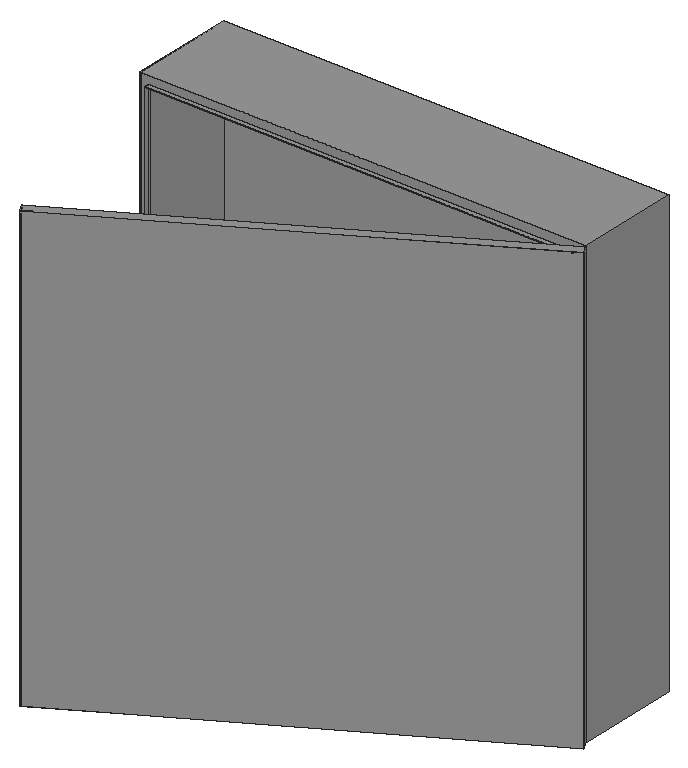
Revit family "Hager-Univers-IP54-D205-H800-Cl.I-Encl-NoHosted-AT-de", category Equipement électrique, Revit 2020
Family settings
  Configuration du panneau = Deux colonnes, circuits au sein
  Cote de connecteur circulaire = Utiliser le diamètre
  Type d'élément = Tableau de raccordement
  Basée sur le plan de construction = Oui
  Toujours verticalement = Oui
  Couper avec des vides une fois chargée = Non
  Partagée = Non
  Point de calcul de pièce = Non
Parameters (values of type "Aufputz IP54 B800 H800 T205  - FP53TW2")
  Width Control [instance] = if([EF000008 - Breite] > Min Width, [EF000008 - Breite], Min Width)  # 800 mm
  Commentaires du type = [HG000003 - Bereich]  # "Univers"
  Thickness Door [instance] = if([EF009171 - Materialstärke Tür/Deckel] > 3 mm, 3 mm, [EF009171 - Materialstärke Tür/Deckel])  # 1 mm
  Seal Frame Offset [instance] = 17 mm  # constant formula
  Plinth Visibility [instance] = [HG000027 - Sockelhöhe] > 0 mm  # no
  Min Width [instance] = 100 mm  # constant formula
  Min Depth [instance] = (2 * [EF009170 - Materialstärke Gehäuse]) + 1 mm  # 3 mm
  Min Height [instance] = 100 mm  # constant formula
  Internal Frame Depth [instance] = (Door System Depth * 0.5)  # 9 mm
  Panel Name [instance] = ""  # (empty or 0)
  Model = ""
  HG000027 - Sockelhöhe = 0 mm
  HG000026 - Stehend auf dem Boden = no
  HG000024 - Höhe des unteren Teils = 600 mm
  HG000023 - Gehäuse mit doppeltem Querschnitt = no
  HG000016 - 3D-Türsichtbarkeit [instance] = yes
  HG000015 - Sichtbarkeit der Türöffnung [instance] = no
  HG000014 - Tür rechts [instance] = yes
  HG000013 - Tür links [instance] = not([HG000014 - Tür rechts])  # no
  HG000012 - Türschwenkwinkel [instance] = 30.00°
  HG000010 - Asymmetrische Türen = no
  HG000009 - Doppelflügeligen Tür = no
  HG000006 - Unterputz = no
  HG000004 - Herstellerreferenz = "FP53TW2"
  HG000003 - Bereich = "Univers"
  HG000002 - Mit tür = yes
  Frame Offset Bottom [instance] = 10 mm  # constant formula
  Frame Offset [instance] = 15 mm  # constant formula
  EF015940 - Deckel mit Überdruckentlastung = no
  EF011959 - Schutzart (NEMA) = ""
  EF009554 - Anzahl der Öffnungen für Flanschplatten = 6
  EF009212 - Ausführung Deckel = "EV000116 - geschlossen"
  EF009171 - Materialstärke Tür/Deckel = 1 mm
  EF009170 - Materialstärke Gehäuse = 1 mm
  EF008873 - Nennstrom (In) = 250 A
  EF007800 - Geeignet für Blitzschutz = no
  EF006306 - Mit Schloss = no
  EF006244 - Transparenter Deckel/Tür = no
  EF005474 - Schutzart (IP) = "EV006419 - IP54"
  EF004464 - Art der Tür = "EV002646 - Einzel"
  EF004427 - Anzahl der Module = 180
  EF004293 - Schlagfestigkeit = "EV006815 - IK09"
  EF003532 - Geeignet für Außengebrauch = no
  EF002950 - Breite in Teilungseinheiten = 36
  EF001613 - Funktionserhalt = "EV000494 - ohne"
  EF001596 - Werkstoff des Gehäuses = "EV000179 - Stahl"
  EF001131 - Innentiefe = 205 mm
  EF001088 - Anbaumöglichkeit = yes
  EF000437 - Anzahl der Leitungseinführungen = 6
  EF000339 - Art der Abdeckung = "EV001012 - Deckel"
  EF000266 - Anzahl der Reihen = 5
  EF000218 - Einbautiefe = 205 mm
  EF000118 - Mit Montageplatte = no
  EF000116 - RAL-Nummer = "9010"
  EF000049 - Tiefe = 205 mm
  EF000040 - Höhe = 800 mm
  EF000008 - Breite = 800 mm
  EF000007 - Farbe = "EV000202 - weiß"
  EF000003 - Montageart = "EV000384 - Aufputz"
  Door System Leaf Tolerance [instance] = 1.5 mm  # constant formula
  Door System Depth [instance] = 18 mm  # constant formula
  Door Height [instance] = Height Control - [HG000027 - Sockelhöhe]  # 800 mm
  Description = ""
  Default Elevation = 1219.2 mm
  Connector Offset [instance] = Height Control / 2  # 400 mm
  Fabricant = "Hager"  # constant formula
  Height Control [instance] = if([EF000040 - Höhe] > Min Height, [EF000040 - Höhe], Min Height)  # 800 mm
  Depth Control [instance] = if([EF000049 - Tiefe] > Min Depth, [EF000049 - Tiefe], Min Depth)  # 205 mm
  Bottom Top Plate Trim [instance] = 1.5 mm  # constant formula
  Plinth height Ctrl [instance] = if([HG000027 - Sockelhöhe] > 0 mm, [HG000027 - Sockelhöhe], 12 mm)  # 12 mm
Types (4, lengths in mm): name | Width Control | HG000004 - Herstellerreferenz | EF009554 - Anzahl der Öffnungen für Flanschplatten | EF004464 - Art der Tür | EF004427 - Anzahl der Module | EF002950 - Breite in Teilungseinheiten | EF000437 - Anzahl der Leitungseinführungen | EF000008 - Breite
  Aufputz IP54 B1050 H800 T205  - FP54TW2 | 1050 | "FP54TW2" | 8 | "EV003602 - Doppel" | 240 | 48 | 8 | 1050
  Aufputz IP54 B1300 H800 T205  - FP55TW2 | 1300 | "FP55TW2" | 10 | "EV003602 - Doppel" | 300 | 60 | 10 | 1300
  Aufputz IP54 B550 H800 T205  - FP52TW2 | 550 | "FP52TW2" | 4 | "EV002646 - Einzel" | 120 | 24 | 4 | 550
  Aufputz IP54 B800 H800 T205  - FP53TW2 | 800 | "FP53TW2" | 6 | "EV002646 - Einzel" | 180 | 36 | 6 | 800
Reference planes
  plane 1 "Center (Front/Back)": y = 0
  plane 2: z = 0
  plane 3 "Center (Left/Right)": x = 0
  plane 4: y = 0
  plane 5: y = 0
  plane 6: z = 0
  plane 7: x = -400
  plane 8: x = 400
  plane 9: x = 399
  plane 10: x = -399
  plane 11: z = 0
  plane 12: z = 1
  plane 13: y = -205
  plane 14: y = -1
  plane 15: x = 0
  plane 16: y = -187
  plane 17: y = -204
  plane 18: y = -186
  plane 19: x = -384
  plane 20: x = 384
  plane 21: z = 11
  plane 22: x = -383
  plane 23: x = 383
  plane 24: z = 0
  plane 25: z = 800
  plane 26: z = 800
  plane 27: z = 784
  plane 28: z = 799
Forms (mm)
  Extrusion 1, solid, material "Hager_Steel_RAL7035_Light_Grey", detail levels medium+fine
    sketch origin (-208.679, -4572, 0) x (-1, 0, 0) y (0, -1, 0)
      loop
        line (191.321, -4385) -> (-608.679, -4385) -> (-608.679, -4572) -> (191.321, -4572) -> (191.321, -4385)
    from 0 to 800
  Extrusion 2, void
    sketch origin (-350.771, -205, 1219.2) x (1, 0, 0) y (0, 0, 1)
      loop
        line (-48.229, -420.2) -> (-48.229, -1218.2) -> (749.771, -1218.2) -> (749.771, -420.2) -> (-48.229, -420.2)
    from -19 to -204
  Extrusion 3, void
    sketch origin (-290.084, -187, 1219.2) x (1, 0, 0) y (0, 0, 1)
      loop
        line (-93.916, -1208.2) -> (674.084, -1208.2) -> (674.084, -435.2) -> (-93.916, -435.2) -> (-93.916, -1208.2)
    from 0 to -1
  Extrusion 4, solid, material "Hager_Steel_RAL7035_Light_Grey", visible <- "Plinth Visibility", detail levels medium+fine
    sketch origin (0, 0, 0) x (1, 0, 0) y (0, 1, 0)
      loop
        line (-400, 0) -> (-400, -187) -> (400, -187) -> (400, 0) -> (-400, 0)
    from 0 to 12 <- "Plinth height Ctrl"
  Extrusion 5, solid, material "Hager_Steel_RAL7035_Light_Grey", detail levels coarse
    sketch origin (0, 0, 0) x (1, 0, 0) y (0, 1, 0)
      loop
        line (-400, 0) -> (-400, -205) -> (400, -205) -> (400, 0) -> (-400, 0)
    from 0 to 800 <- "Height Control"
  Sweep 6, void
    path in 3D
      loop
        line (-400, -187, 12) -> (400, -187, 12) -> (400, 0, 12) -> (-400, 0, 12) -> (-400, -187, 12)
    profile origin (-400, -93.5, 12) x (1, 0, 0) y (0, 0, 1)
      loop
        line (0, 0) -> (0, -1.5) -> (1.5, -1.5)
        arc (1.5, -1.5) -> (1.061, -0.439) -> (0, 0) r 1.5
  Extrusion 7, solid, material "Hager_Steel_RAL7035_Light_Grey", detail levels fine
    sketch origin (-400, -187, 0) x (1, 0, 0) y (0, 0, 1)
      loop
        line (16, 11) -> (784, 11) -> (784, 784) -> (16, 784) -> (16, 11)
      loop
        line (15, 10) -> (785, 10) -> (785, 785) -> (15, 785) -> (15, 10)
    from 0 to 9 <- "Internal Frame Depth"
Cuts and joins
  Extrusion 2, Extrusion 3 cuts Extrusion 1
  Sweep 6 cuts Extrusion 4
Lines and regions (mm)
  Masking region 1
    outline origin (0, 0, 0) x (1, 0, 0) y (0, 1, 0)
      loop
        line (-400, 0) -> (-400, -205) -> (400, -205) -> (400, 0) -> (-400, 0)
  Masking region 2, detail levels coarse
    outline origin (-290.084, -187, 1219.2) x (-1, 0, 0) y (0, 0, 1)
      loop
        line (-690.084, -1219.2) -> (109.916, -1219.2) -> (109.916, -419.2) -> (-690.084, -419.2) -> (-690.084, -1219.2)
  Masking region 3, detail levels coarse
    outline origin (0, 0, 0) x (0, 1, 0) y (0, 0, 1)
      loop
        line (0, 0) -> (0, 800) -> (-205, 800) -> (-205, 0) -> (0, 0)
  Masking region 4, visible <- "Plinth Visibility", detail levels medium+fine
    outline origin (0, 0, 0) x (0, 1, 0) y (0, 0, 1)
      loop
        line (-1.5, 12) -> (-185.5, 12)
        arc (-185.5, 12) -> (-185.939, 10.939) -> (-187, 10.5) r 1.5
        line (-187, 10.5) -> (-187, 0) -> (0, 0) -> (0, 10.5)
        arc (0, 10.5) -> (-1.061, 10.939) -> (-1.5, 12) r 1.5
  Masking region 5, detail levels medium+fine
    outline origin (0, 0, 594.038) x (0, 1, 0) y (0, 0, 1)
      loop
        line (0, -594.038) -> (0, 205.962) -> (-187, 205.962) -> (-187, -594.038) -> (0, -594.038)
  Masking region 6, detail levels medium+fine
    outline origin (-359.7, -187, 1211.883) x (-1, 0, 0) y (0, 0, 1)
      loop
        line (-759.7, -1211.883) -> (40.3, -1211.883) -> (40.3, -411.883) -> (-759.7, -411.883) -> (-759.7, -1211.883)
  Masking region 7, visible <- "Plinth Visibility", detail levels medium+fine
    outline origin (-320.334, -187, 1041.368) x (-1, 0, 0) y (0, 0, 1)
      loop
        line (-720.334, -1041.368) -> (79.666, -1041.368) -> (79.666, -1030.868)
        arc (79.666, -1030.868) -> (78.606, -1030.429) -> (78.166, -1029.368) r 1.5
        line (78.166, -1029.368) -> (-718.834, -1029.368)
        arc (-718.834, -1029.368) -> (-719.273, -1030.429) -> (-720.334, -1030.868) r 1.5
        line (-720.334, -1030.868) -> (-720.334, -1041.368)
  sketch lines
    curve 1: line (-400, 0, 12) -> (-400, -187, 12)
    curve 2: line (-400, -187, 12) -> (400, -187, 12)
    curve 3: line (400, 0, 12) -> (-400, 0, 12)
    curve 4: line (400, -187, 12) -> (400, 0, 12)
Dimensions and locks
  locked: plane 1 "Center (Front/Back)" to plane 5
  "EF009170 - Materialstärke Gehäuse": plane 7 to plane 10
  "EF009170 - Materialstärke Gehäuse": plane 8 to plane 9
  equal spacing: plane 7, plane 3 "Center (Left/Right)", plane 8
  "Width Control": plane 7 to plane 8
  "Depth Control": plane 4 to plane 13
  "EF009170 - Materialstärke Gehäuse": plane 4 to plane 14
  "Height Control": plane 25 to level
  "HG000027 - Sockelhöhe": plane 11 to level
  "EF009170 - Materialstärke Gehäuse": plane 12 to plane 11
  "EF009170 - Materialstärke Gehäuse": plane 17 to plane 13
  "EF009170 - Materialstärke Gehäuse": plane 18 to plane 16
  "Frame Offset Bottom": plane 21 to plane 12
  "Frame Offset": plane 10 to plane 19
  "Frame Offset": plane 9 to plane 20
  "Door System Depth": plane 16 to plane 13
  "Seal Frame Offset": plane 7 to plane 22
  "Seal Frame Offset": plane 8 to plane 23
  "EF009170 - Materialstärke Gehäuse": plane 26 to plane 28
  "Frame Offset": plane 28 to plane 27
  "Connector Offset": plane 2 to connector elem
  "Bottom Top Plate Trim": profile plane to Sweep 6 sketch curve
  "Bottom Top Plate Trim": Sweep 6 sketch curve to Sweep 6 sketch curve
  "Plinth height Ctrl": Masking region 4 sketch curve to level
  "Plinth height Ctrl": Masking region 7 sketch curve to level
  "Thickness Door": Extrusion 7 sketch curve to Extrusion 7 sketch curve  (x4)
  "Bottom Top Plate Trim": radius of Sweep 6 sketch curve
  "Bottom Top Plate Trim": radius of Masking region 4 sketch curve  (x2)
  "Bottom Top Plate Trim": radius of Masking region 7 sketch curve  (x2)
  aligned and locked: Extrusion 2 sketch curve to plane 12
  aligned and locked: Extrusion 2 sketch curve to plane 9
  aligned and locked: Extrusion 2 sketch curve to plane 10
  aligned and locked: Extrusion 2 to plane 14
  aligned and locked: Extrusion 1 sketch curve to plane 4
  aligned and locked: plane 8 to Extrusion 1 sketch curve
  aligned and locked: plane 7 to Extrusion 1 sketch curve
  aligned and locked: Extrusion 2 to plane 18
  aligned and locked: Extrusion 3 sketch curve to plane 19
  aligned and locked: plane 20 to Extrusion 3 sketch curve
  aligned and locked: Extrusion 3 to Extrusion 2
  aligned and locked: Extrusion 3 sketch curve to plane 21
  aligned and locked: plane 3 "Center (Left/Right)" to nested 1
  aligned and locked: Extrusion 1 sketch curve to plane 16
  aligned and locked: Extrusion 4 sketch curve to cut or joined group of Extrusion 1, Extrusion 2, Extrusion 3
  aligned and locked: Masking region 1 sketch curve to plane 7
  aligned and locked: Masking region 1 sketch curve to plane 5
  aligned and locked: Masking region 1 sketch curve to plane 8
  aligned and locked: Masking region 2 sketch curve to level
  aligned and locked: level to Masking region 3 sketch curve
  aligned and locked: plane 1 "Center (Front/Back)" to Masking region 3 sketch curve
  aligned and locked: plane 13 to Masking region 3 sketch curve
  aligned and locked: plane 5 to Masking region 4 sketch curve
  aligned and locked: Masking region 2 sketch curve to plane 8
  aligned and locked: Masking region 2 sketch curve to plane 7
  aligned and locked: plane 7 to nested 2
  aligned and locked: nested 2 to plane 5
  aligned and locked: plane 5 to Masking region 5 sketch curve
  aligned and locked: plane 26 to Masking region 5 sketch curve
  aligned and locked: Extrusion 5 sketch curve to plane 8
  aligned and locked: Extrusion 5 sketch curve to plane 7
  aligned and locked: Extrusion 5 sketch curve to plane 5
  aligned and locked: Extrusion 3 sketch curve to plane 27
  aligned and locked: Extrusion 2 sketch curve to plane 28
  aligned and locked: Masking region 2 to plane 25
  aligned and locked: Extrusion 4 to plane 16
  aligned and locked: profile plane to Sweep 6 sketch curve
  aligned and locked: Masking region 5 sketch curve to plane 24
  aligned and locked: level to Masking region 4 sketch curve
  aligned and locked: Masking region 1 to plane 13
  aligned and locked: nested 1 to plane 16
  aligned and locked: Masking region 3 to plane 25
  aligned and locked: plane 16 to Masking region 4 sketch curve
  aligned and locked: Masking region 5 sketch curve to plane 16
  aligned and locked: plane 24 to plane 11
  aligned and locked: plane 26 to plane 25
  aligned and locked: plane 26 to cut or joined group of Extrusion 1, Extrusion 2, Extrusion 3
  aligned and locked: nested 1 to plane 24
  aligned and locked: Extrusion 1 to Extrusion 3
  aligned and locked: Masking region 6 sketch curve to plane 8
  aligned and locked: Masking region 6 sketch curve to plane 24
  aligned and locked: Masking region 6 sketch curve to plane 7
  aligned and locked: Masking region 6 sketch curve to plane 26
  aligned and locked: Masking region 7 sketch curve to plane 7
  aligned and locked: level to Masking region 7 sketch curve
  aligned and locked: Masking region 7 sketch curve to plane 8
  aligned and locked: Extrusion 7 sketch curve to cut or joined group of Extrusion 1, Extrusion 2, Extrusion 3  (x4)
Automatic sketch dimensions
  plane 19 to Extrusion 3 sketch curve = 0 mm
  Extrusion 3 sketch curve to plane 20 = 0 mm
  Extrusion 3 sketch curve to plane 21 = 0 mm
  Extrusion 4 sketch curve to plane 7 = 0 mm
  Extrusion 4 sketch curve to plane 8 = 0 mm
  Extrusion 4 sketch curve to plane 16 = 0 mm
  Masking region 1 sketch curve to plane 13 = 0 mm
  Masking region 2 sketch curve to plane 25 = 0 mm
  Masking region 3 sketch curve to plane 25 = 0 mm
  Extrusion 5 sketch curve to plane 13 = 0 mm
  profile plane to Sweep 6 sketch curve = 0 mm
Nested families
  nested 1: "EC000058_Univers_Door" at (0, -187, 0), Double <- "HG000009 - Doppelflügeligen Tür", Transparent <- "EF006244 - Transparenter Deckel/Tür", Angle <- "HG000012 - Türschwenkwinkel", Door_Right <- "HG000014 - Tür rechts", Assymetrical <- "HG000010 - Asymmetrische Türen", Door <- "HG000002 - Mit tür", Width_Ctrl <- "Width Control", 3d_Door <- "HG000016 - 3D-Türsichtbarkeit", Clearance <- "HG000015 - Sichtbarkeit der Türöffnung", Door_Left <- "HG000013 - Tür links", Width <- "Width Control", Door_Depth <- "Door System Depth", Leaf_Tolerance <- "Door System Leaf Tolerance", Height <- "Door Height", Lock_Visibility <- "EF006306 - Mit Schloss", Thickness <- "Thickness Door", type "EC000058_Univers_Door", detail levels medium+fine
    with min_wh 3 mm, Width_Ctrl 800 mm, Width 800 mm, Transparent no, Thickness 1 mm, Seal_Material Hager_Rubber, Lock_Visibility no, Lock_Material Hager_Plastic_RAL9005_Jet_Black, Leaf_Width 800 mm, Leaf_Tolerance_External_Sides 0 mm, Leaf_Tolerance 1.5 mm, Leaf_Offset 0 mm, Leaf_Height 797 mm, Leaf_2_Width 800 mm, Leaf_2_Offset 400 mm, Leaf_1_Width 800 mm, Leaf_1_Offset 400 mm, Height_Ctrl 800 mm, Height 800 mm, Glass_Material Hager_Glass, Double_Clearance_Ctrl no, Double no, Door_Right_Ctrl yes, Door_Right yes, Door_Material Hager_Steel_RAL7035_Light_Grey, Door_Left_Ctrl no, Door_Left no, Door_Depth 18 mm, Door yes, Clearance_Material Hager_Clearance, Clearance_Depth 800 mm, Clearance_Ctrl no, Clearance no, Assymetrical no, Angle 30.00°, 3d_Door yes
  nested 2: "Hager_Enclosure_Symbol" at (-400, 0, 0), Height <- "Depth Control", Width <- "Width Control", type "Hager_Enclosure_Symbol"
    with Width_Ctrl 800 mm, Width 800 mm, Height_Ctrl 205 mm, Height 205 mm, A_Width_Int 13.453 mm, A_Width 161.438 mm, A_Height_Ctrl 179.375 mm, A_Height 179.375 mm
Connectors
  electrical at (0, 0, 400)
    settings: on plane 1 "Center (Front/Back)", index 1, voltage 0 V, apparent load 0 VA, apparent load phase1 0 VA, apparent load phase2 0 VA, apparent load phase3 0 VA, power factor 1, load classification "Other", number of poles 1, system type 30, power factor state 1, is connector primary yes, connector utility no, sub classification motor no, connector description ""
Definition of nested family "EC000058_Univers_Door"
  Parameters (values of type "EC000058_Univers_Door")
    min_wh [instance] = (2 * Thickness) + 1 mm  # 11 mm
    Width_Ctrl [instance] = 400 mm
    Width [instance] = 500 mm
    Transparent [instance] = yes
    Thickness [instance] = 5 mm
    Seal_Material [instance] = none
    Lock_Visibility [instance] = yes
    Lock_Material [instance] = none
    Leaf_Width [instance] = if((Width_Ctrl - 2 * Leaf_Tolerance_External_Sides) > 0 mm, (Width_Ctrl - 2 * Leaf_Tolerance_External_Sides), min_wh)  # 400 mm
    Leaf_Tolerance_External_Sides [instance] = 0 mm  # constant formula
    Leaf_Tolerance [instance] = 1.5 mm
    Leaf_Offset [instance] = 0 mm  # constant formula
    Leaf_Height [instance] = if((Height_Ctrl - 2 * Leaf_Tolerance) > 0 mm, (Height_Ctrl - 2 * Leaf_Tolerance), min_wh)  # 497 mm
    Leaf_2_Width [instance] = if(and(and(Double, Assymetrical), Door_Left), (Leaf_Width / 3) - (Leaf_Tolerance / 2), if(and(and(Double, Assymetrical), Door_Right), (Leaf_Width / 3) * 2 - (Leaf_Tolerance / 2), if(and(Double, not(Assymetrical)), (Leaf_Width / 2) - Leaf_Tolerance, Leaf_Width)))  # 400 mm
    Leaf_2_Offset [instance] = if(and(Double, Assymetrical), Leaf_2_Width / 2, if(and(Double, not(Assymetrical)), Leaf_Width / 4, Leaf_Width / 2))  # 200 mm
    Leaf_1_Width [instance] = if(and(and(Double, Assymetrical), Door_Right), (Leaf_Width / 3) - (Leaf_Tolerance / 2), if(and(and(Double, Assymetrical), Door_Left), (Width / 3) * 2 - (Leaf_Tolerance / 2), if(and(Double, not(Assymetrical)), (Leaf_Width / 2) - Leaf_Tolerance, Leaf_Width)))  # 400 mm
    Leaf_1_Offset [instance] = if(and(Double, Assymetrical), Leaf_1_Width / 2, if(and(Double, not(Assymetrical)), Leaf_Width / 4, Leaf_Width / 2))  # 200 mm
    Height_Ctrl [instance] = if(Height > min_wh, Height, min_wh)  # 500 mm
    Height [instance] = 500 mm
    Glass_Material [instance] = none
    Double_Clearance_Ctrl [instance] = and(Double, Clearance)  # no
    Double [instance] = no
    Door_Right_Ctrl [instance] = and(or(Door_Right, Double), Door)  # yes
    Door_Right [instance] = yes
    Door_Material [instance] = none
    Door_Left_Ctrl [instance] = and(or(Door_Left, Double), Door)  # no
    Door_Left [instance] = no
    Door_Depth [instance] = 30 mm
    Door [instance] = yes
    Default Elevation = 1219.2 mm
    Clearance_Material [instance] = none
    Clearance_Depth [instance] = if(Leaf_1_Width > Leaf_2_Width, Leaf_1_Width, Leaf_2_Width)  # 400 mm
    Clearance_Ctrl [instance] = and(not(Double), Clearance)  # yes
    Clearance [instance] = yes
    Assymetrical [instance] = yes
    Angle [instance] = 30.00°
    3d_Door [instance] = yes
  Reference planes
    plane 1 "Center (Front/Back)": y = 0
    plane 2 "Bottom": z = 0
    plane 3 "Center (Left/Right)": x = 0
    plane 4: z = 500
    plane 5: x = -200
    plane 6: x = 200
    plane 7: z = 500
    plane 8: x = -200
    plane 9: z = 0
    plane 10: x = 200
    plane 11: y = 0
    plane 12: z = 1.5
    plane 13: x = -600
    plane 14: y = -400
    plane 15: x = 600
    plane 16: x = 0
    plane 17: x = 0
    plane 18: x = -200
    plane 19: x = 200
    plane 20: z = 498.5
  Forms (mm)
    Extrusion 1, solid, material <- "Clearance_Material", visible <- "Double_Clearance_Ctrl"
      sketch origin (1200, 0, 0) x (1, 0, 0) y (0, 0, -1)
        loop
          line (-1800, -498.5) -> (-600, -498.5) -> (-600, 0) -> (-1800, 0) -> (-1800, -498.5)
      from 0 to -400
  Dimensions and locks
    equal spacing: plane 5, plane 3 "Center (Left/Right)", plane 6
    "Width_Ctrl": plane 5 to plane 6
    "Leaf_Offset": plane 5 to plane 8
    "Leaf_Offset": plane 6 to plane 10
    "Leaf_Offset": plane 9 to level
    "Leaf_Offset": plane 4 to plane 7
    "Height_Ctrl": plane 4 to level
    "Leaf_Tolerance": plane 12 to plane 9
    locked: plane 11 to plane 1 "Center (Front/Back)"
    "Leaf_1_Offset": plane 18 to plane 16
    "Leaf_2_Offset": plane 17 to plane 19
    "Leaf_1_Width": plane 13 to plane 8
    "Leaf_2_Width": plane 10 to plane 15
    "Clearance_Depth": plane 14 to plane 1 "Center (Front/Back)"
    "Leaf_Tolerance_External_Sides": plane 8 to plane 18
    "Leaf_Tolerance_External_Sides": plane 19 to plane 10
    "Leaf_Tolerance": plane 7 to plane 20
    aligned and locked: level to plane 2 "Bottom"
    aligned and locked: nested 1 to plane 16
    aligned and locked: nested 2 to plane 17
    aligned and locked: Extrusion 1 to plane 13
    aligned and locked: plane 15 to Extrusion 1
    aligned and locked: Extrusion 1 to plane 14
    aligned and locked: plane 12 to nested 1
    aligned and locked: nested 2 to plane 12
    aligned and locked: Extrusion 1 to plane 11
    aligned and locked: plane 20 to Extrusion 1
    aligned and locked: nested 2 to plane 11
    aligned and locked: nested 1 to plane 11
  Automatic sketch dimensions
    Extrusion 1 sketch curve to level = 0 mm
    plane 5 to Extrusion 1 sketch curve = 400 mm
    plane 6 to Extrusion 1 sketch curve = 400 mm
    Extrusion 1 sketch curve to plane 4 = 1.5 mm
  Nested families
    nested 1: "EC000058_Univers_Door_Leaf" at (0, 0, 1.5), Width <- "Leaf_1_Width", visible <- "Door_Left_Ctrl", Leaf_Height <- "Leaf_Height", Angle <- "Angle", 3d_Door <- "3d_Door", Transparent <- "Transparent", Clearance Material <- "Clearance_Material", Clearance <- "Clearance_Ctrl", Door_Material <- "Door_Material", Glass_Material <- "Glass_Material", Door_Depth <- "Door_Depth", Lock_Material <- "Lock_Material", Seal_Material <- "Seal_Material", Lock_Visibility <- "Lock_Visibility", Thickness <- "Thickness", type "EC000058_Univers_Door_Leaf"
      with Width 400 mm, Transparent_Glass_Offset 30 mm, Transparent_Ctrl yes, Transparent yes, Thickness 5 mm, Standard no, Seal_Material none, Seal_D2 8 mm, Seal_D1 1 mm, Offset_Internal_Frame 10 mm, Lock_Width 20 mm, Lock_Visibility_3d yes, Lock_Visibility yes, Lock_Thickness_3 3 mm, Lock_Thickness_2 1 mm, Lock_Thickness_1 3 mm, Lock_Radius_Offset_2 16 mm, Lock_Radius_Offset_1 15 mm, Lock_Radius_2 5 mm, Lock_Radius 6 mm, Lock_Offset 5 mm, Lock_Material none, Lock_Height 80 mm, Lock_Cover_Top_Offset_2d 17 mm, Lock_Cover_Height -65 mm, Leaf_Height 497 mm, Internal_Seal_Thickness 8 mm, Internal_Seal_Depth_2 4.5 mm, Internal_Frame_Depth 25 mm, Glass_Thickness -1 mm, Glass_Offset -2 mm, Glass_Material none, Door_Material none, Door_Depth 30 mm, Clearance Material none, Clearance yes, Angle_Ctrl 30.00°, Angle 30.00°, 3d_Door yes
    nested 2: "EC000058_Univers_Door_Leaf" at (0, 0, 1.5) x (-1, 0, 0) z (0, 0, 1), Width <- "Leaf_2_Width", visible <- "Door_Right_Ctrl", Leaf_Height <- "Leaf_Height", Angle <- "Angle", 3d_Door <- "3d_Door", Transparent <- "Transparent", Clearance Material <- "Clearance_Material", Clearance <- "Clearance_Ctrl", Door_Material <- "Door_Material", Glass_Material <- "Glass_Material", Door_Depth <- "Door_Depth", Lock_Material <- "Lock_Material", Seal_Material <- "Seal_Material", Lock_Visibility <- "Lock_Visibility", Thickness <- "Thickness", type "EC000058_Univers_Door_Leaf"
      with Width 400 mm, Transparent_Glass_Offset 30 mm, Transparent_Ctrl yes, Transparent yes, Thickness 5 mm, Standard no, Seal_Material none, Seal_D2 8 mm, Seal_D1 1 mm, Offset_Internal_Frame 10 mm, Lock_Width 20 mm, Lock_Visibility_3d yes, Lock_Visibility yes, Lock_Thickness_3 3 mm, Lock_Thickness_2 1 mm, Lock_Thickness_1 3 mm, Lock_Radius_Offset_2 16 mm, Lock_Radius_Offset_1 15 mm, Lock_Radius_2 5 mm, Lock_Radius 6 mm, Lock_Offset 5 mm, Lock_Material none, Lock_Height 80 mm, Lock_Cover_Top_Offset_2d 17 mm, Lock_Cover_Height -65 mm, Leaf_Height 497 mm, Internal_Seal_Thickness 8 mm, Internal_Seal_Depth_2 4.5 mm, Internal_Frame_Depth 25 mm, Glass_Thickness -1 mm, Glass_Offset -2 mm, Glass_Material none, Door_Material none, Door_Depth 30 mm, Clearance Material none, Clearance yes, Angle_Ctrl 30.00°, Angle 30.00°, 3d_Door yes
  Definition of nested family "EC000058_Univers_Door_Leaf"
    Parameters (values of type "EC000058_Univers_Door_Leaf")
      Width [instance] = 2000 mm
      Transparent_Glass_Offset [instance] = 30 mm
      Transparent_Ctrl [instance] = and(Transparent, [3d_Door])  # yes
      Transparent [instance] = yes
      Thickness [instance] = 5 mm
      Standard [instance] = and(not(Transparent), [3d_Door])  # no
      Seal_Material [instance] = none
      Seal_D2 [instance] = 8 mm  # constant formula
      Seal_D1 [instance] = 1 mm  # constant formula
      Offset_Internal_Frame [instance] = 10 mm  # constant formula
      Lock_Width [instance] = 20 mm  # constant formula
      Lock_Visibility_3d [instance] = and(Lock_Visibility, [3d_Door])  # yes
      Lock_Visibility [instance] = yes
      Lock_Thickness_3 [instance] = 3 mm  # constant formula
      Lock_Thickness_2 [instance] = 1 mm  # constant formula
      Lock_Thickness_1 [instance] = 3 mm  # constant formula
      Lock_Radius_Offset_2 [instance] = Lock_Radius_Offset_1 + 1 mm  # 16 mm
      Lock_Radius_Offset_1 [instance] = 15 mm  # constant formula
      Lock_Radius_2 [instance] = Lock_Radius - 1 mm  # 5 mm
      Lock_Radius [instance] = 6 mm  # constant formula
      Lock_Offset [instance] = 5 mm  # constant formula
      Lock_Material [instance] = none
      Lock_Height [instance] = 80 mm  # constant formula
      Lock_Cover_Top_Offset_2d [instance] = Lock_Radius_Offset_2 + 1 mm  # 17 mm
      Lock_Cover_Height [instance] = -(Lock_Height - Lock_Radius_Offset_1)  # -65 mm
      Leaf_Height [instance] = 2720.336 mm
      Internal_Seal_Thickness [instance] = 8 mm  # constant formula
      Internal_Seal_Depth_2 [instance] = 4.5 mm  # constant formula
      Internal_Frame_Depth [instance] = if(Door_Depth - Thickness > 5 mm, Door_Depth - Thickness, 5 mm)  # 25 mm
      Glass_Thickness [instance] = if(Thickness > 15 mm, Glass_Offset + 10 mm, -1 mm)  # -1 mm
      Glass_Offset [instance] = if(Thickness > 15 mm, -(Thickness + 10 mm) / 2, -2 mm)  # -2 mm
      Glass_Material [instance] = none
      Door_Material [instance] = none
      Door_Depth [instance] = 30 mm
      Default Elevation = 0 mm
      Clearance Material [instance] = none
      Clearance [instance] = yes
      Angle_Ctrl [instance] = if(Angle > 180.00°, 180.00°, Angle)  # 90.00°
      Angle [instance] = 90.00°
      3d_Door [instance] = yes
    Reference planes
      plane 1 "Center (Front/Back)": y = 0
      plane 2: z = 0
      plane 3 "Center (Left/Right)": x = 0
      plane 4: y = 2000
      plane 5: x = -1000
      plane 6: x = 1000
      plane 7: x = -3000
      plane 8: z = 2720.336
      plane 9: z = 30
      plane 10: z = 2690.336
      plane 11: x = 970
      plane 12: x = -970
      plane 13: y = -3
      plane 14: z = 107.833
      plane 15: y = -5
      plane 16: y = -223.314
      plane 17: x = -1000
      plane 18: z = 1360.168
      plane 19: y = 30
    Forms (mm)
      Extrusion 1, solid, material <- "Clearance Material", visible <- "Clearance"
        sketch origin (0, 0, 0) x (1, 0, 0) y (0, 0, 1)
          loop
            line (-3000, 2720.336) -> (-3000, 0) -> (1000, 0) -> (1000, 2720.336) -> (-3000, 2720.336)
        from 0 to -2000
      Extrusion 2, solid, material <- "Door_Material", visible <- "Standard", detail levels medium+fine
        sketch origin (-1000, 0, 0) x (0, 1, 0) y (-1, 0, 0)
          loop
            line (0, 30) -> (0, 25) -> (2000, 25) -> (2000, 30) -> (0, 30)
        from 0 to 2720.336 <- "Leaf_Height"
      Extrusion 3, solid, material <- "Door_Material", visible <- "Transparent_Ctrl", detail levels medium+fine
        sketch origin (-1000, 0, 0) x (0, 1, 0) y (-1, 0, 0)
          loop
            line (0, 25) -> (2000, 25) -> (2000, 30) -> (0, 30) -> (0, 25)
        from 0 to 2720.336 <- "Leaf_Height"
      Extrusion 4, void
        sketch origin (-1025, 2000, 0) x (0, 1, 0) y (0, 0, -1)
          loop
            line (-30, -2690.336) -> (-30, -30) -> (-1970, -30) -> (-1970, -2690.336) -> (-30, -2690.336)
        from 0 to 5 <- "Thickness"
      Sweep 5, solid, material <- "Seal_Material", visible <- "Transparent_Ctrl", detail levels fine
        path in 3D
          loop
            line (-1025, 30, 30) -> (-1025, 30, 2690.336) -> (-1025, 1970, 2690.336) -> (-1025, 1970, 30) -> (-1025, 30, 30)
        profile origin (-1025, 1000, 30) x (1, 0, 0) y (0, 0, 1)
          loop
            line (0, 0) -> (0, -8) -> (1, -8) -> (1, 0) -> (0, 0)
      Extrusion 6, solid, material <- "Glass_Material", visible <- "Transparent_Ctrl", detail levels medium+fine
        sketch origin (-1030, 0, 0) x (0, 1, 0) y (0, 0, -1)
          loop
            line (1970, -2690.336) -> (1970, -30) -> (30, -30) -> (30, -2690.336) -> (1970, -2690.336)
        from -2 <- "Glass_Offset" to -1 <- "Glass_Thickness"
      Extrusion 7, solid, material <- "Door_Material", visible <- "3d_Door", detail levels medium+fine
        sketch origin (-1025, 2000, 0) x (0, -1, 0) y (0, 0, -1)
          loop
            line (0, -2720.336) -> (2000, -2720.336) -> (2000, 0) -> (0, 0) -> (0, -2720.336)
          loop
            line (1995, -5) -> (5, -5) -> (5, -2715.336) -> (1995, -2715.336) -> (1995, -5)
        from 0 to 25 <- "Internal_Frame_Depth"
      Sweep 8, solid, material <- "Seal_Material", visible <- "Transparent_Ctrl", detail levels fine
        path in 3D
          loop
            line (-1025, 0, 0) -> (-1025, 2000, 0) -> (-1025, 2000, 2720.336) -> (-1025, 0, 2720.336) -> (-1025, 0, 0)
        profile origin (-1025, 0, 1360.168) x (1, 0, 0) y (0, 1, 0)
          loop
            line (0, 10) -> (2.975, 10)
            arc (2.975, 10) -> (4.053, 10.447) -> (4.5, 11.525) r 1.525
            line (4.5, 11.525) -> (4.5, 16.527)
            arc (4.5, 16.527) -> (4.069, 17.569) -> (3.027, 18) r 1.473
            line (3.027, 18) -> (0, 18) -> (0, 10)
      Extrusion 9, solid, material <- "Lock_Material", visible <- "Lock_Visibility_3d", detail levels fine
        sketch origin (-1030, 0, 0) x (0, 1, 0) y (0, 0, -1)
          loop
            arc (1993.5, -1400.168) -> (1994.561, -1399.729) -> (1995, -1398.668) r 1.5
            line (1995, -1398.668) -> (1995, -1320.168) -> (1975, -1320.168) -> (1975, -1398.668)
            arc (1975, -1398.668) -> (1975.439, -1399.729) -> (1976.5, -1400.168) r 1.5
            line (1976.5, -1400.168) -> (1993.5, -1400.168)
        from 3 <- "Lock_Thickness_1" to 0
      Blend 10, solid, material <- "Lock_Material", visible <- "Lock_Visibility_3d", detail levels fine
        base sketch origin (-1033, 0, 0) x (0, 1, 0) y (0, 0, -1)
          loop
            line (1975, -1320.168) -> (1975, -1398.668)
            arc (1975, -1398.668) -> (1975.439, -1399.729) -> (1976.5, -1400.168) r 1.5
            line (1976.5, -1400.168) -> (1993.5, -1400.168)
            arc (1993.5, -1400.168) -> (1994.561, -1399.729) -> (1995, -1398.668) r 1.5
            line (1995, -1398.668) -> (1995, -1320.168) -> (1975, -1320.168)
        top sketch origin (-1033, 0, 0) x (0, 1, 0) y (0, 0, -1)
          loop
            line (1976, -1320.168) -> (1976, -1398.668)
            arc (1976, -1398.668) -> (1976.146, -1399.022) -> (1976.5, -1399.168) r 0.5
            line (1976.5, -1399.168) -> (1993.5, -1399.168)
            arc (1993.5, -1399.168) -> (1993.854, -1399.022) -> (1994, -1398.668) r 0.5
            line (1994, -1398.668) -> (1994, -1320.168) -> (1976, -1320.168)
        from 0 to 1 <- "Lock_Thickness_2"
      Blend 11, solid, material <- "Lock_Material", visible <- "Lock_Visibility_3d", detail levels fine
        base sketch origin (-1034, 0, 0) x (0, 1, 0) y (0, 0, -1)
          loop
            line (1978, -1320.168) -> (1978, -1384.168)
            arc (1978, -1384.168) -> (1985, -1391.168) -> (1992, -1384.168) r 7
            line (1992, -1384.168) -> (1992, -1320.168) -> (1978, -1320.168)
        top sketch origin (-1034, 0, 0) x (0, 1, 0) y (0, 0, -1)
          loop
            line (1991, -1320.168) -> (1979, -1320.168) -> (1979, -1383.168)
            arc (1979, -1383.168) -> (1985, -1389.168) -> (1991, -1383.168) r 6
            line (1991, -1383.168) -> (1991, -1320.168)
        from 0 to 3 <- "Lock_Thickness_3"
      Extrusion 12, solid, material <- "Lock_Material", visible <- "Lock_Visibility_3d", detail levels fine
        sketch origin (-1030, 1975, 1320.168) x (1, 0, 0) y (0, -1, 0)
          loop
            line (-7, -19) -> (-7, -1) -> (0, -1) -> (0, 0) -> (-8, 0) -> (-8, -20) -> (0, -20) -> (0, -19) -> (-7, -19)
        from 0 to -65 <- "Lock_Cover_Height"
      Extrusion 13, void
        sketch origin (-1038, 1995, 1320.168) x (-1, 0, 0) y (0, 0, -1)
          loop
            line (-5, -65) -> (0, -65) -> (-5, -60) -> (-5, -65)
        from 0 to 20 <- "Lock_Width"
      Extrusion 14, void
        sketch origin (-1038, 1975, 1320.168) x (0, -1, 0) y (0, 0, -1)
          loop
            circle (-10, -15.995) r 6
          loop
            circle (-10, -15.995) r 5
        from 0 to 2
      Extrusion 15, solid, material <- "Lock_Material", visible <- "Lock_Visibility_3d", detail levels medium
        sketch origin (-1030, 0, 0) x (0, 1, 0) y (0, 0, -1)
          loop
            arc (1993.5, -1400.168) -> (1994.561, -1399.729) -> (1995, -1398.668) r 1.5
            line (1995, -1398.668) -> (1995, -1320.168) -> (1975, -1320.168) -> (1975, -1398.668)
            arc (1975, -1398.668) -> (1975.439, -1399.729) -> (1976.5, -1400.168) r 1.5
            line (1976.5, -1400.168) -> (1993.5, -1400.168)
        from 8 to 0
    Cuts and joins
      Extrusion 4 cuts Extrusion 3
      Extrusion 13, Extrusion 14 cuts Extrusion 9
      Extrusion 14 cuts Blend 11
      Extrusion 13, Extrusion 14 cuts Extrusion 12
      joined: Extrusion 9, Blend 10, Blend 11, Extrusion 12
      Extrusion 14 cuts Extrusion 15
    Lines and regions (mm)
      Masking region 1, visible <- "Lock_Visibility", detail levels fine
        outline origin (0, 0, 0) x (0, 1, 0) y (0, 0, 1)
          loop
            line (30, 1320.168) -> (33, 1320.168) -> (33, 1400.168) -> (30, 1400.168) -> (30, 1320.168)
      Masking region 2, visible <- "Lock_Visibility", detail levels fine
        outline origin (0, 3.143, 0) x (0, 1, 0) y (0, 0, 1)
          loop
            line (29.857, 1354.168) -> (30.857, 1354.168) -> (30.857, 1366.168) -> (29.857, 1366.168) -> (29.857, 1354.168)
      Masking region 3, detail levels medium+fine
        outline origin (0, 0, 0) x (0, 1, 0) y (0, 0, 1)
          loop
            line (0, 0) -> (30, 0) -> (30, 2720.336) -> (0, 2720.336) -> (0, 0)
      Masking region 4, detail levels medium+fine
        outline origin (0, 0, 0) x (1, 0, 0) y (0, 0, 1)
          loop
            line (-1000, 2720.336) -> (-1000, 0) -> (1000, 0) -> (1000, 2720.336) -> (-1000, 2720.336)
      Masking region 5, visible <- "Lock_Visibility", detail levels fine
        outline origin (-47.116, 0, 0) x (1, 0, 0) y (0, 0, 1)
          loop
            arc (1024.616, 1399.168) -> (1023.556, 1398.729) -> (1023.116, 1397.668) r 1.5
            line (1023.116, 1397.668) -> (1023.116, 1320.168) -> (1041.116, 1320.168) -> (1041.116, 1397.668)
            arc (1041.116, 1397.668) -> (1040.677, 1398.729) -> (1039.616, 1399.168) r 1.5
            line (1039.616, 1399.168) -> (1024.616, 1399.168)
      Masking region 6, visible <- "Lock_Visibility", detail levels medium+fine
        outline origin (-25, 0, 0) x (1, 0, 0) y (0, 0, 1)
          loop
            arc (1001.5, 1400.168) -> (1000.439, 1399.729) -> (1000, 1398.668) r 1.5
            line (1000, 1398.668) -> (1000, 1320.168) -> (1020, 1320.168) -> (1020, 1398.668)
            arc (1020, 1398.668) -> (1019.561, 1399.729) -> (1018.5, 1400.168) r 1.5
            line (1018.5, 1400.168) -> (1001.5, 1400.168)
      Masking region 7, visible <- "Lock_Visibility", detail levels fine
        outline origin (-73.735, 0, 0) x (1, 0, 0) y (0, 0, 1)
          loop
            line (1051.735, 1382.168) -> (1065.735, 1382.168) -> (1065.735, 1384.168)
            arc (1065.735, 1384.168) -> (1058.735, 1391.168) -> (1051.735, 1384.168) r 7
            line (1051.735, 1384.168) -> (1051.735, 1382.168)
      Masking region 8, visible <- "Lock_Visibility", detail levels fine
        outline origin (-73.735, 0, 0) x (1, 0, 0) y (0, 0, 1)
          loop
            line (1052.735, 1382.168) -> (1064.735, 1382.168) -> (1064.735, 1383.168)
            arc (1064.735, 1383.168) -> (1058.735, 1389.168) -> (1052.735, 1383.168) r 6
            line (1052.735, 1383.168) -> (1052.735, 1382.168)
      Masking region 9, visible <- "Lock_Visibility", detail levels fine
        outline origin (-25, 0, 0) x (1, 0, 0) y (0, 0, 1)
          loop
            line (1020, 1320.168) -> (1020, 1382.168) -> (1000, 1382.168) -> (1000, 1320.168) -> (1020, 1320.168)
      Masking region 10, detail levels medium+fine
        outline origin (0, 0, 0) x (1, 0, 0) y (0, 0, 1)
          loop
            circle (985, 1335.144) r 6
      Masking region 11, detail levels fine
        outline origin (0, 0, 0) x (1, 0, 0) y (0, 0, 1)
          loop
            circle (985, 1335.144) r 5
      Masking region 12, visible <- "Lock_Visibility", detail levels fine
        outline origin (0, 12.767, 0) x (0, 1, 0) y (0, 0, 1)
          loop
            line (20.233, 1320.168) -> (21.233, 1320.168) -> (21.233, 1399.168) -> (20.233, 1400.168) -> (20.233, 1320.168)
      Masking region 13, visible <- "Lock_Visibility", detail levels fine
        outline origin (0, 13.767, -10) x (0, 1, 0) y (0, 0, 1)
          loop
            line (20.233, 1330.168) -> (23.233, 1330.168) -> (23.233, 1399.168) -> (20.233, 1402.168) -> (20.233, 1330.168)
      Masking region 14, visible <- "Lock_Visibility", detail levels fine
        outline origin (0, 12.767, -10) x (0, 1, 0) y (0, 0, 1)
          loop
            line (20.233, 1330.168) -> (25.233, 1330.168) -> (25.233, 1399.305) -> (20.233, 1394.305) -> (20.233, 1330.168)
      Masking region 15, visible <- "Lock_Visibility", detail levels medium
        outline origin (0, 0, 0) x (0, 1, 0) y (0, 0, 1)
          loop
            line (30, 1320.168) -> (38, 1320.168) -> (38, 1400.168) -> (30, 1400.168) -> (30, 1320.168)
      Masking region 16, visible <- "Lock_Visibility", detail levels fine
        outline origin (-1000, 0, 0) x (0, 1, 0) y (-1, 0, 0)
          loop
            line (1975, 30) -> (1995, 30) -> (1995, 38) -> (1975, 38) -> (1975, 30)
          loop
            line (1979, 37) -> (1976, 37) -> (1976, 34) -> (1978, 34) -> (1979, 37)
          loop
            line (1994, 37) -> (1991, 37) -> (1992, 34) -> (1994, 34) -> (1994, 37)
      Masking region 17, visible <- "Lock_Visibility", detail levels medium
        outline origin (-1000, 0, 0) x (0, 1, 0) y (-1, 0, 0)
          loop
            line (1975, 30) -> (1995, 30) -> (1995, 38) -> (1975, 38) -> (1975, 30)
      symbolic lines
        curve 1: line (1000, 0, 0) -> (-3000, 0, 0)
        curve 2: arc (1000, 0, 0) -> (-1000, 2000, 0) -> (-3000, 0, 0) r 2000
        curve 4: line (-1030, 0, 0) -> (-1030, 2000, 0)
      reference lines
        curve 3: line (-1000, 0, 0) -> (-1000, 2000, 0)
      symbolic lines, detail levels medium+fine
        curve 5: line (-1030, 2000, 0) -> (-1025, 2000, 0)
        curve 7: line (-1025, 0, 0) -> (-1030, 0, 0)
        curve 8: line (-1025, 0, 0) -> (-1000, 0, 0)
        curve 9: line (-1000, 0, 0) -> (-1000, 2000, 0)
        curve 10: line (-1000, 2000, 0) -> (-1025, 2000, 0)
      symbolic lines, detail levels fine
        curve 6: line (-1025, 2000, 0) -> (-1025, 0, 0)
      sketch lines
        curve 11: line (-1025, 0, 2720.336) -> (-1025, 0, 0)
        curve 12: line (-1025, 2000, 0) -> (-1025, 0, 0)
        curve 13: line (-1025, 2000, 2720.336) -> (-1025, 2000, 0)
        curve 14: line (-1025, 0, 2720.336) -> (-1025, 2000, 2720.336)
        curve 15: line (-1025, 1970, 30) -> (-1025, 30, 30)
        curve 16: line (-1025, 30, 30) -> (-1025, 30, 2690.336)
        curve 17: line (-1025, 1970, 2690.336) -> (-1025, 1970, 30)
        curve 18: line (-1025, 30, 2690.336) -> (-1025, 1970, 2690.336)
      symbolic lines, visible <- "Transparent", detail levels medium+fine
        curve 19: line (-970, 0, 2690.336) -> (970, 0, 2690.336)
        curve 20: line (-970, 0, 30) -> (-970, 0, 2690.336)
        curve 21: line (970, 0, 30) -> (-970, 0, 30)
        curve 22: line (970, 0, 2690.336) -> (970, 0, 30)
    Dimensions and locks
      "Width": plane 1 "Center (Front/Back)" to plane 4
      equal spacing: plane 5, plane 3 "Center (Left/Right)", plane 6
      "Width": plane 5 to plane 6
      "Width": plane 7 to plane 5
      "Leaf_Height": plane 8 to level
      "Width": curve 5 to curve 3
      "Width": curve 3 to curve 3
      plane 8 to plane 10 = 30 mm
      plane 9 to level = 30 mm
      plane 12 to plane 5 = 30 mm
      plane 6 to plane 11 = 30 mm
      Extrusion 1 to Extrusion 4 sketch curve = 30 mm
      "Transparent_Glass_Offset": curve 3 to Extrusion 4 sketch curve
      "Transparent_Glass_Offset": Extrusion 4 sketch curve to cut or joined group of Extrusion 3, Extrusion 4  (x2)
      cut or joined group of Extrusion 3, Extrusion 4 to Extrusion 6 sketch curve = 30 mm
      "Transparent_Glass_Offset": cut or joined group of Extrusion 3, Extrusion 4 to Extrusion 4 sketch curve
      "Thickness": curve 6 to curve 4
      "Thickness": Extrusion 7 sketch curve to Extrusion 7 sketch curve  (x4)
      "Door_Depth": curve 4 to curve 3
      "Offset_Internal_Frame": profile plane to Sweep 8 sketch curve
      "Internal_Seal_Thickness": Sweep 8 sketch curve to Sweep 8 sketch curve
      "Internal_Seal_Depth_2": profile plane to Sweep 8 sketch curve
      "Seal_D1": profile plane to Sweep 5 sketch curve
      "Seal_D2": profile plane to Sweep 5 sketch curve
      "Thickness": Extrusion 2 sketch curve to Extrusion 2 sketch curve
      equal spacing: Extrusion 9 sketch curve, plane 18, Extrusion 9 sketch curve  (x2)
      equal spacing: Masking region 1 sketch curve, plane 18, Masking region 1 sketch curve
      "Lock_Height": Masking region 1 sketch curve to Masking region 1 sketch curve
      "Lock_Radius": Masking region 2 sketch curve to plane 18 to Masking region 2 sketch curve
      Masking region 2 sketch curve to Masking region 1 = 1 mm
      "Door_Depth": plane 19 to plane 1 "Center (Front/Back)"
      "Lock_Thickness_1": Masking region 1 sketch curve to plane 19
      "Lock_Width": Extrusion 9 sketch curve to Extrusion 9 sketch curve
      "Lock_Height": Extrusion 9 sketch curve to Extrusion 9 sketch curve
      "Lock_Offset": cut or joined group of Extrusion 3, Extrusion 4 to Extrusion 9 sketch curve
      equal spacing: plane 8, plane 18, level
      "Lock_Radius_Offset_1": Blend 11 sketch curve to Blend 10
      locked: Blend 10 to Blend 11 sketch curve at 2  (x2)
      locked: var sketch to Blend 11 sketch curve at 1  (x2)
      "Lock_Radius_Offset_2": Blend 11 sketch curve to Blend 10
      locked: Extrusion 12 sketch curve to Extrusion 12 sketch curve at 1  (x3)
      Masking region 6 sketch curve to Masking region 6 sketch curve = 80 mm
      "Lock_Height": Masking region 6 sketch curve to Masking region 6 sketch curve
      "Lock_Width": Masking region 6 sketch curve to Masking region 6 sketch curve
      locked: Masking region 6 to Masking region 5 sketch curve at 1  (x3)
      locked: Masking region 5 to Masking region 7 sketch curve at 2  (x2)
      "Lock_Radius_Offset_1": Masking region 5 to Masking region 7 sketch curve
      "Lock_Radius_Offset_2": Masking region 5 to Masking region 8 sketch curve
      locked: Masking region 7 to Masking region 8 sketch curve at 1  (x2)
      "Lock_Cover_Top_Offset_2d": Masking region 5 to Masking region 9 sketch curve
      equal spacing: Masking region 9, Masking region 10 sketch curve, Masking region 9
      equal spacing: Masking region 9, Masking region 11 sketch curve, Masking region 9
      Extrusion 15 sketch curve to Extrusion 15 sketch curve = 80 mm
      "Lock_Width": Extrusion 15 sketch curve to Extrusion 15 sketch curve
      "Lock_Height": Extrusion 15 sketch curve to Extrusion 15 sketch curve
      equal spacing: Extrusion 15 sketch curve, plane 18, Extrusion 15 sketch curve
      "Lock_Thickness_3": Masking region 13 sketch curve to Masking region 13 sketch curve
      "Lock_Height": Masking region 12 sketch curve to Masking region 12 sketch curve
      locked: Masking region 13 sketch curve to Masking region 1 at 8
      locked: Masking region 14 sketch curve to Masking region 13 at 1
      locked: Masking region 14 sketch curve to Masking region 1 at 10.863
      "Lock_Height": Masking region 15 sketch curve to Masking region 15 sketch curve
      "Lock_Offset": Extrusion 15 sketch curve to cut or joined group of Extrusion 3, Extrusion 4
      "Lock_Offset": plane 6 to Masking region 6 sketch curve
      radius of Sweep 8 sketch curve = 1.525 mm
      radius of Sweep 8 sketch curve = 1.473 mm
      radius of Extrusion 9 sketch curve = 1.5 mm  (x2)
      "Lock_Radius": radius of Extrusion 14 sketch curve
      "Lock_Radius_2": radius of Extrusion 14 sketch curve
      "Lock_Radius": radius of Masking region 10 sketch curve
      "Lock_Radius_2": radius of Masking region 11 sketch curve
      radius of Extrusion 15 sketch curve = 1.5 mm  (x2)
      "Angle_Ctrl": angle plane 1 "Center (Front/Back)" to curve 3
      locked: Masking region 12 sketch curve to Masking region 12 sketch curve (angle 45.00°)
      locked: Masking region 13 sketch curve to Masking region 13 sketch curve (angle 45.00°)
      locked: Masking region 14 sketch curve to Masking region 14 sketch curve (angle 45.00°)
      aligned and locked: level to plane 2
      aligned and locked: Extrusion 1 to curve 1
      aligned and locked: plane 6 to Extrusion 1
      aligned and locked: Extrusion 1 to plane 1 "Center (Front/Back)"
      aligned and locked: plane 4 to Extrusion 1
      aligned and locked: plane 8 to Extrusion 1
      aligned and locked: curve 7 to Extrusion 2 sketch curve
      aligned and locked: curve 5 to Extrusion 2 sketch curve
      aligned and locked: curve 7 to Extrusion 3 sketch curve
      aligned and locked: Extrusion 3 sketch curve to curve 4
      aligned and locked: Extrusion 3 sketch curve to curve 6
      aligned and locked: Extrusion 3 sketch curve to curve 5
      aligned and locked: curve 9 to curve 3
      aligned and locked: Extrusion 7 sketch curve to cut or joined group of Extrusion 3, Extrusion 4  (x4)
      aligned and locked: plane 17 to curve 3
      aligned and locked: plane 1 "Center (Front/Back)" to curve 3
      aligned and locked: plane 17 to plane 5
      aligned and locked: Sweep 8 sketch curve to profile plane
      aligned and locked: Sweep 5 sketch curve to profile plane  (x2)
      aligned and locked: Masking region 1 to Masking region 2 sketch curve
      aligned and locked: plane 19 to Masking region 1 sketch curve
      aligned and locked: plane 1 "Center (Front/Back)" to Masking region 3 sketch curve
      aligned and locked: plane 19 to Masking region 3 sketch curve
      aligned and locked: level to Masking region 3 sketch curve
      aligned and locked: Masking region 3 sketch curve to plane 8
      aligned and locked: plane 17 to Masking region 4 sketch curve
      aligned and locked: level to Masking region 4 sketch curve
      aligned and locked: Masking region 4 sketch curve to plane 8
      aligned and locked: plane 12 to curve 20
      aligned and locked: plane 10 to curve 19
      aligned and locked: plane 11 to curve 22
      aligned and locked: curve 21 to plane 9
      aligned and locked: Extrusion 2 sketch curve to cut or joined group of Extrusion 3, Extrusion 4
      aligned and locked: Blend 10 sketch curve to Extrusion 9  (x4)
      aligned and locked: Extrusion 9 to Blend 10 sketch curve
      aligned and locked: Blend 10 to Blend 11 sketch curve
      aligned and locked: Extrusion 12 sketch curve to Blend 11
      aligned and locked: Extrusion 12 sketch curve to Extrusion 9  (x4)
      aligned and locked: Masking region 5 sketch curve to Masking region 6
      aligned and locked: Masking region 9 sketch curve to Masking region 6  (x3)
      aligned and locked: Masking region 12 sketch curve to Masking region 1
      aligned and locked: Masking region 13 sketch curve to Masking region 1
      aligned and locked: Masking region 12 to Masking region 14
      aligned and locked: Masking region 14 sketch curve to Masking region 1
      aligned and locked: Masking region 15 sketch curve to Masking region 14
      aligned and locked: Masking region 13 sketch curve to Masking region 12
      aligned and locked: Masking region 16 sketch curve to cut or joined group of Extrusion 14, Extrusion 15  (x4)
      aligned and locked: Masking region 16 sketch curve to cut or joined group of Extrusion 9, Blend 10, Blend 11, Extrusion 12, Extrusion 13, Extrusion 14  (x6)
      aligned and locked: cut or joined group of Extrusion 9, Blend 10, Blend 11, Extrusion 12, Extrusion 13, Extrusion 14 to Masking region 16 sketch curve
      aligned and locked: Masking region 17 sketch curve to cut or joined group of Extrusion 14, Extrusion 15  (x3)
      aligned and locked: Masking region 17 sketch curve to cut or joined group of Extrusion 9, Blend 10, Blend 11, Extrusion 12, Extrusion 13, Extrusion 14
      aligned and locked: Masking region 9 to Masking region 8 sketch curve
      aligned and locked: Masking region 9 to Masking region 7 sketch curve
    Automatic sketch dimensions
      plane 1 "Center (Front/Back)" to curve 2 = 0 mm
      curve 2 to plane 5 = 0 mm
      Extrusion 1 sketch curve to level = 0 mm
      Extrusion 1 sketch curve to plane 7 = 0 mm
      Extrusion 1 sketch curve to plane 6 = 0 mm
      Extrusion 1 sketch curve to plane 8 = 0 mm
      Extrusion 3 to Extrusion 6 sketch curve = 30 mm  (x4)
      Masking region 4 sketch curve to plane 6 = 0 mm
      Blend 10 sketch curve to Extrusion 9 = 1.5 mm
      Blend 10 sketch curve to Extrusion 9 = 1 mm
      Extrusion 13 sketch curve to Extrusion 12 = 0 mm  (x2)
      Extrusion 12 to Extrusion 13 sketch curve = 3 mm
      Extrusion 13 sketch curve to Extrusion 12 = 5 mm
      Extrusion 14 sketch curve to Extrusion 14 sketch curve = 0 mm  (x2)
      Extrusion 14 sketch curve to Extrusion 12 = 10 mm
      Extrusion 14 sketch curve to Extrusion 12 = 15.995 mm
      Masking region 5 sketch curve to Masking region 5 sketch curve = 1.5 mm  (x2)
      Masking region 10 sketch curve to plane 18 = 25.024 mm
      Masking region 11 sketch curve to plane 18 = 25.024 mm
      plane 19 to Masking region 14 sketch curve = 3 mm
      Masking region 16 sketch curve to Masking region 16 sketch curve = 3 mm
      curve 4 to curve 3 = 0 mm
      Blend 10 to Blend 11 sketch curve = 0 mm
      Masking region 6 sketch curve to Masking region 6 sketch curve = 1.5 mm  (x2)
      Masking region 6 sketch curve to plane 18 = 40 mm
      plane 19 to Masking region 12 sketch curve = 3 mm
      Masking region 12 sketch curve to Masking region 12 sketch curve = 1 mm
      Masking region 15 sketch curve to plane 19 = 0 mm
      Masking region 15 sketch curve to plane 18 = 40 mm
      radius of Blend 10 sketch curve to Extrusion 9 = 1 mm
Definition of nested family "Hager_Enclosure_Symbol"
  Parameters (values of type "Hager_Enclosure_Symbol")
    Width_Ctrl [instance] = if(Width > 1 mm, Width, 1 mm)  # 102.27 mm
    Width [instance] = 102.27 mm
    Height_Ctrl [instance] = if(Height > 1 mm, Height, 1 mm)  # 66.5 mm
    A_Width_Int [instance] = if(A_Width / 12 > 2 mm, A_Width / 12, 2 mm)  # 4.364 mm
    A_Width [instance] = if(A_Height_Ctrl * 0.9 > 2 mm, A_Height_Ctrl * 0.9, 2 mm)  # 52.369 mm
    A_Height_Ctrl [instance] = if(A_Height > 2 mm, A_Height, 2 mm)  # 58.188 mm
    Height [instance] = 66.5 mm
    A_Height [instance] = Height - (Height / 8)  # 58.188 mm
  Reference planes
    plane 1 "Centre (avant/arrière)": y = 0
    plane 2: z = 0
    plane 3 "Centre (gauche/droite)": x = 0
    plane 4: x = 52.369
    plane 5: y = 33.042
    plane 6: y = 41.77
    plane 7: y = 66.5
    plane 8: x = 26.184
    plane 9: y = 37.406
    plane 10: x = 102.27
    plane 11: y = 66.5
    plane 12: y = 8.313
  Lines and regions (mm)
    Filled region 1, type "Solid_Black", in view "Niveau de réf."
      outline origin (0, 0, 0) x (1, 0, 0) y (0, 1, 0)
        loop
          line (52.369, 66.5) -> (33.188, 54.536) -> (45.365, 45.006) -> (52.369, 66.5)
    Filled region 2, type "Solid_Black", in view "Niveau de réf."
      outline origin (0, 0, 0) x (1, 0, 0) y (0, 1, 0)
        loop
          line (0, 0) -> (102.27, 0) -> (102.27, 66.5) -> (0, 0)
    detail lines, in view "Niveau de réf."
      curve 1: line (0, 8.313, 0) -> (26.184, 41.77, 0)
      curve 2: line (26.184, 41.77, 0) -> (26.184, 33.042, 0)
      curve 3: line (26.184, 33.042, 0) -> (52.369, 66.5, 0)
  Dimensions and locks
    "A_Width": plane 3 "Centre (gauche/droite)" to plane 4
    equal spacing: plane 3 "Centre (gauche/droite)", plane 8, plane 4
    equal spacing: plane 6, plane 9, plane 5
    equal spacing: curve 3, Filled region 1 sketch curve, Filled region 1 sketch curve
    "Height_Ctrl": plane 1 "Centre (avant/arrière)" to plane 11
    "A_Height_Ctrl": plane 11 to plane 12
    equal spacing: plane 11, plane 9, plane 12
    "A_Width_Int": plane 6 to plane 9
    "Width_Ctrl": plane 3 "Centre (gauche/droite)" to plane 10
    angle Filled region 1 sketch curve to curve 3 = 20.00°
    angle curve 3 to Filled region 1 sketch curve = 20.00°
    locked: curve 3 to Filled region 1 sketch curve (angle 90.00°)
    aligned and locked: plane 10 to Filled region 2
    aligned and locked: plane 11 to Filled region 2 sketch curve
    aligned and locked: plane 10 to Filled region 2 sketch curve
    aligned and locked: plane 3 "Centre (gauche/droite)" to curve 1
    aligned and locked: plane 12 to curve 1
    aligned and locked: plane 7 to plane 11
  Automatic sketch dimensions
    Filled region 1 sketch curve to plane 4 = 0 mm
    Filled region 1 sketch curve to plane 7 = 0 mm
    plane 1 "Centre (avant/arrière)" to Filled region 2 sketch curve = 0 mm
    Filled region 2 sketch curve to plane 3 "Centre (gauche/droite)" = 0 mm
    curve 2 to plane 6 = 0 mm
    curve 2 to plane 8 = 0 mm
    curve 3 to plane 4 = 0 mm
    curve 2 to plane 5 = 0 mm
    curve 3 to plane 7 = 0 mm
